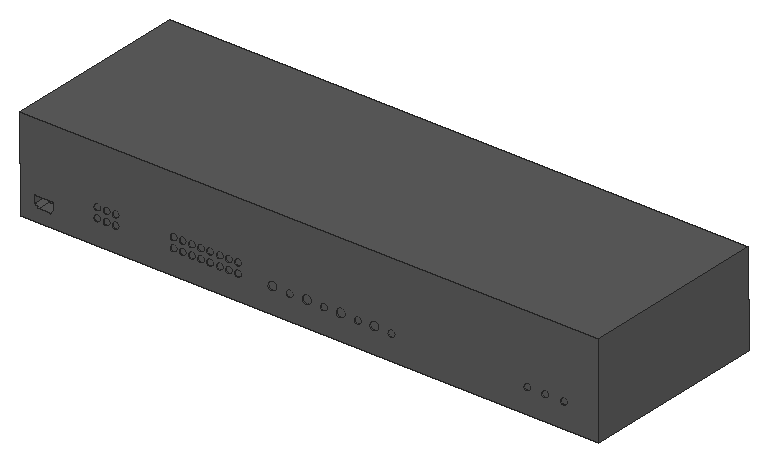
Revit family "Electronics_Touch-Panel-Controllers_Biamp_Impera_Tango__", category Communication Devices, host Face, Revit 2020
Family settings
  Host = Face
  Maintain Annotation Orientation = No
  Round Connector Dimension = Use Diameter
  Part Type = Normal
  OmniClass Number = 23.85.10.17.11
  OmniClass Title = Audio-Visual System Components
  Cut with Voids When Loaded = No
  Shared = No
  Room Calculation Point = No
Parameters (values of type "Tango")
  Width = 8.70"  # constant formula
  Weight = 1.10 lbf  # constant formula
  Voltage = 0 V
  URL = "https://www.biamp.com/"
  Type = "Open drain"  # constant formula
  Temperature Range = "32 - 86° F (0 – 30° C)"  # constant formula
  Stop Bits = "1, 2"  # constant formula
  Relays Quantity = "4"
  Product data url = "https://www.bimobject.com/biamp/product/impera-tango_touch-panel-controller"
  Product Page URL = "https://www.biamp.com/products/product-families/impera/touch-panel-controllers#impera-tango"
  Product Documentation Link = "https://downloads.biamp.com/assets/docs/default-source/data-sheets/biamp_data_sheet_impera_tango_oct21.pdf"
  Relays power capacity = "30VDC / 0.5A"  # constant formula
  Power Factor = 1
  Parity = "Even, Odd, None"  # constant formula
  Number of Ports RS-232 / IR = "3 (bi-directional); 2 (uni-directional)"
  Number of Ports GPIO = "8"
  Number of Poles = 1
  Network Connection = "RJ-45 with Ethernet (CAT5e or better)"  # constant formula
  Model = "Impera Tango"  # constant formula
  Max Voltage = "24VDC"  # constant formula
  Max Power Consumption = 0 W
  Max Current = "0.5A"  # constant formula
  Manufacturer = "Biamp"  # constant formula
  Isolation = "No"  # constant formula
  Input Trigger Low = "< 1VDC"  # constant formula
  Input Trigger High = "> 4VDC"  # constant formula
  Impera Tango = yes
  IR Frequency Range = "400 Hz to 500 kHz"  # constant formula
  Humidity = "10-90% relative humidity (non-condensing)"  # constant formula
  Housing Material = Biamp - Metal - Black
  Height = 1.40"  # constant formula
  Description = "Impera™ Tango Controller"  # constant formula
  Depth = 2.80"  # constant formula
  Default Elevation = 48.00"
  Data Bits = "7, 8"  # constant formula
  Cooling = "Convection"  # constant formula
  Connector Relays = "2-pin, 0.3-inch Euroblock"  # constant formula
  Connector RS-232 / IR = "3-pin, 0.3-inch Euroblock"  # constant formula
  Connector GPIO = "5-pin, 0.3-inch Euroblock"  # constant formula
  Connector Description = "PoE (IEEE 802.3at Class 3, 15W)"  # constant formula
  Compliance = "FCC Part 15B (USA), UL listed (USA and Canada), CE Marked (Europe), RoHS Directive (Europe)"  # constant formula
  Baud Rate = "1200 – 115200 bit/sec"  # constant formula
  Assembly Code = ""
  Apparent Load = Max Power Consumption / Power Factor  # 0 VA
  Altitude = "0-6,600 ft (0-2000m) MSL"  # constant formula
Reference planes (in)
  plane 1 "Center (Front/Back)": y = 0
  plane 2: z = 0
  plane 3 "Center (Left/Right)": x = 0
  plane 4: x = -4.34961
  plane 5: x = 4.34961
  plane 6 "Back": y = 1.40039
  plane 7 "Front": y = -1.40039
  plane 8: z = 1.4
  plane 9: y = 1.20354
  plane 10: y = -1.20354
Forms (in)
  Extrusion 1, solid, material "Biamp - Metal - Black" <- "Housing Material", visible <- "Impera Tango"
    sketch origin (0, 0, 0) x (1, 0, 0) y (0, 1, 0)
      loop
        line (-4.34961, 1.20354) -> (-4.34961, -1.20354) -> (4.34961, -1.20354) -> (4.34961, 1.20354) -> (-4.34961, 1.20354)
    from 0 to 1.4
  Extrusion 2, solid, material "Biamp - Metal - Black" <- "Housing Material", visible <- "Impera Tango"
    sketch origin (0, -1.40039, 0) x (-1, 0, 0) y (0, 0, 1)
      loop
        line (4.34961, 1.4) -> (-4.34961, 1.4) -> (-4.34961, 0) -> (4.34961, 0) -> (4.34961, 1.4)
      loop
        line (4.13043, 0.35688) -> (3.84149, 0.35688) -> (3.84149, 0.24209) -> (3.89553, 0.18805) -> (4.07639, 0.18805) -> (4.13043, 0.24209) -> (4.13043, 0.35688)
    from 0 to 0.19685
  Extrusion 3, solid, material "Biamp - Metal - Black" <- "Housing Material", visible <- "Impera Tango"
    sketch origin (0, 1.40039, 0) x (-1, 0, 0) y (0, 0, 1)
      loop
        line (-4.34961, 1.4) -> (-4.34961, 0) -> (4.34961, 0) -> (4.34961, 1.4) -> (-4.34961, 1.4)
      loop
        line (-4.14749, 0.31725) -> (-4.14749, 0.23803) -> (-3.62479, 0.23803) -> (-3.62479, 0.31725) -> (-4.14749, 0.31725)
      loop
        line (-3.32957, 0.77432) -> (-2.8732, 0.77432) -> (-2.8732, 1.01753) -> (-3.32957, 1.01753) -> (-3.32957, 0.77432)
      loop
        line (-3.32957, 0.26397) -> (-2.8732, 0.26397) -> (-2.8732, 0.50721) -> (-3.32957, 0.50721) -> (-3.32957, 0.26397)
      loop
        line (-2.77906, 0.77432) -> (-2.32768, 0.77432) -> (-2.32768, 1.01753) -> (-2.77906, 1.01753) -> (-2.77906, 0.77432)
      loop
        line (-2.77906, 0.26397) -> (-2.32768, 0.26397) -> (-2.32768, 0.50721) -> (-2.77906, 0.50721) -> (-2.77906, 0.26397)
      loop
        line (-1.93552, 0.77432) -> (-1.15392, 0.77432) -> (-1.15392, 1.01753) -> (-1.93552, 1.01753) -> (-1.93552, 0.77432)
      loop
        line (-1.93552, 0.26397) -> (-1.15392, 0.26397) -> (-1.15392, 0.50721) -> (-1.93552, 0.50721) -> (-1.93552, 0.26397)
      loop
        line (-0.75764, 0.26397) -> (-0.13793, 0.26397) -> (-0.13793, 0.50721) -> (-0.75764, 0.50721) -> (-0.75764, 0.26397)
      loop
        line (2.36889, 0.23674) -> (3.04108, 0.23674) -> (3.04108, 0.81269) -> (2.36889, 0.81269) -> (2.36889, 0.23674)
      loop
        line (3.14464, 0.23674) -> (3.81659, 0.23674) -> (3.81659, 0.81269) -> (3.14464, 0.81269) -> (3.14464, 0.23674)
      loop
        line (0.54901, 0.23924) -> (0.90172, 0.23924) -> (0.90172, 0.53315) -> (0.54901, 0.53315) -> (0.54901, 0.23924)
      loop
        line (0.91205, 0.23924) -> (1.265, 0.23924) -> (1.265, 0.53315) -> (0.91205, 0.53315) -> (0.91205, 0.23924)
      loop
        line (1.27687, 0.23924) -> (1.62808, 0.23924) -> (1.62808, 0.53315) -> (1.27687, 0.53315) -> (1.27687, 0.23924)
      loop
        line (1.63915, 0.23924) -> (1.99255, 0.23924) -> (1.99255, 0.53315) -> (1.63915, 0.53315) -> (1.63915, 0.23924)
    from -0.19685 to 0
  Revolve 4, solid, material "Biamp - Glass - Gray", visible <- "Impera Tango", detail levels medium+fine
    sketch origin (0, -1.40039, 0) x (-1, 0, 0) y (0, 0, 1)
      loop
        line (3.18106, 0.56592) -> (3.18106, 0.47516)
        arc (3.18106, 0.47516) -> (3.22644, 0.52054) -> (3.18106, 0.56592) r 0.04538
      loop
        line (3.18106, 0.41538) -> (3.18106, 0.32493)
        arc (3.18106, 0.32493) -> (3.22629, 0.37015) -> (3.18106, 0.41538) r 0.04522
      axis (3.18106, 0.56592) -> (3.18106, 0.32493)
    angle from 0 to 180
  Revolve 5, solid, material "Biamp - Glass - Gray", visible <- "Impera Tango", detail levels medium+fine
    sketch origin (0.13898, -1.40039, 0) x (-1, 0, 0) y (0, 0, 1)
      loop
        line (3.18106, 0.56592) -> (3.18106, 0.47516)
        arc (3.18106, 0.47516) -> (3.22644, 0.52054) -> (3.18106, 0.56592) r 0.04538
      loop
        line (3.18106, 0.41538) -> (3.18106, 0.32493)
        arc (3.18106, 0.32493) -> (3.22629, 0.37015) -> (3.18106, 0.41538) r 0.04522
      axis (3.18106, 0.56592) -> (3.18106, 0.32493)
    angle from 0 to 180
  Revolve 6, solid, material "Biamp - Glass - Gray", visible <- "Impera Tango", detail levels medium+fine
    sketch origin (0.27576, -1.40039, 0) x (-1, 0, 0) y (0, 0, 1)
      loop
        line (3.18106, 0.56592) -> (3.18106, 0.47516)
        arc (3.18106, 0.47516) -> (3.22644, 0.52054) -> (3.18106, 0.56592) r 0.04538
      loop
        line (3.18106, 0.41538) -> (3.18106, 0.32493)
        arc (3.18106, 0.32493) -> (3.22629, 0.37015) -> (3.18106, 0.41538) r 0.04522
      axis (3.18106, 0.56592) -> (3.18106, 0.32493)
    angle from 0 to 180
  Revolve 7, solid, material "Biamp - Glass - Gray", visible <- "Impera Tango", detail levels medium+fine
    sketch origin (1.14695, -1.40039, 0) x (-1, 0, 0) y (0, 0, 1)
      loop
        line (3.18106, 0.56592) -> (3.18106, 0.47516)
        arc (3.18106, 0.47516) -> (3.22644, 0.52054) -> (3.18106, 0.56592) r 0.04538
      loop
        line (3.18106, 0.41538) -> (3.18106, 0.32493)
        arc (3.18106, 0.32493) -> (3.22629, 0.37015) -> (3.18106, 0.41538) r 0.04522
      axis (3.18106, 0.56592) -> (3.18106, 0.32493)
    angle from 0 to 180
  Revolve 8, solid, material "Biamp - Glass - Gray", visible <- "Impera Tango", detail levels medium+fine
    sketch origin (1.28208, -1.40039, 0) x (-1, 0, 0) y (0, 0, 1)
      loop
        line (3.18106, 0.56592) -> (3.18106, 0.47516)
        arc (3.18106, 0.47516) -> (3.22644, 0.52054) -> (3.18106, 0.56592) r 0.04538
      loop
        line (3.18106, 0.41538) -> (3.18106, 0.32493)
        arc (3.18106, 0.32493) -> (3.22629, 0.37015) -> (3.18106, 0.41538) r 0.04522
      axis (3.18106, 0.56592) -> (3.18106, 0.32493)
    angle from 0 to 180
  Revolve 9, solid, material "Biamp - Glass - Gray", visible <- "Impera Tango", detail levels medium+fine
    sketch origin (1.42133, -1.40039, 0) x (-1, 0, 0) y (0, 0, 1)
      loop
        line (3.18106, 0.56592) -> (3.18106, 0.47516)
        arc (3.18106, 0.47516) -> (3.22644, 0.52054) -> (3.18106, 0.56592) r 0.04538
      loop
        line (3.18106, 0.41538) -> (3.18106, 0.32493)
        arc (3.18106, 0.32493) -> (3.22629, 0.37015) -> (3.18106, 0.41538) r 0.04522
      axis (3.18106, 0.56592) -> (3.18106, 0.32493)
    angle from 0 to 180
  Revolve 10, solid, material "Biamp - Glass - Gray", visible <- "Impera Tango", detail levels medium+fine
    sketch origin (1.55944, -1.40039, 0) x (-1, 0, 0) y (0, 0, 1)
      loop
        line (3.18106, 0.56592) -> (3.18106, 0.47516)
        arc (3.18106, 0.47516) -> (3.22644, 0.52054) -> (3.18106, 0.56592) r 0.04538
      loop
        line (3.18106, 0.41538) -> (3.18106, 0.32493)
        arc (3.18106, 0.32493) -> (3.22629, 0.37015) -> (3.18106, 0.41538) r 0.04522
      axis (3.18106, 0.56592) -> (3.18106, 0.32493)
    angle from 0 to 180
  Revolve 11, solid, material "Biamp - Glass - Gray", visible <- "Impera Tango", detail levels medium+fine
    sketch origin (1.69414, -1.40039, 0) x (-1, 0, 0) y (0, 0, 1)
      loop
        line (3.18106, 0.56592) -> (3.18106, 0.47516)
        arc (3.18106, 0.47516) -> (3.22644, 0.52054) -> (3.18106, 0.56592) r 0.04538
      loop
        line (3.18106, 0.41538) -> (3.18106, 0.32493)
        arc (3.18106, 0.32493) -> (3.22629, 0.37015) -> (3.18106, 0.41538) r 0.04522
      axis (3.18106, 0.56592) -> (3.18106, 0.32493)
    angle from 0 to 180
  Revolve 12, solid, material "Biamp - Glass - Gray", visible <- "Impera Tango", detail levels medium+fine
    sketch origin (1.84173, -1.40039, 0) x (-1, 0, 0) y (0, 0, 1)
      loop
        line (3.18106, 0.56592) -> (3.18106, 0.47516)
        arc (3.18106, 0.47516) -> (3.22644, 0.52054) -> (3.18106, 0.56592) r 0.04538
      loop
        line (3.18106, 0.41538) -> (3.18106, 0.32493)
        arc (3.18106, 0.32493) -> (3.22629, 0.37015) -> (3.18106, 0.41538) r 0.04522
      axis (3.18106, 0.56592) -> (3.18106, 0.32493)
    angle from 0 to 180
  Revolve 13, solid, material "Biamp - Glass - Gray", visible <- "Impera Tango", detail levels medium+fine
    sketch origin (1.97707, -1.40039, 0) x (-1, 0, 0) y (0, 0, 1)
      loop
        line (3.18106, 0.56592) -> (3.18106, 0.47516)
        arc (3.18106, 0.47516) -> (3.22644, 0.52054) -> (3.18106, 0.56592) r 0.04538
      loop
        line (3.18106, 0.41538) -> (3.18106, 0.32493)
        arc (3.18106, 0.32493) -> (3.22629, 0.37015) -> (3.18106, 0.41538) r 0.04522
      axis (3.18106, 0.56592) -> (3.18106, 0.32493)
    angle from 0 to 180
  Revolve 14, solid, material "Biamp - Glass - Gray", visible <- "Impera Tango", detail levels medium+fine
    sketch origin (2.1155, -1.40039, 0) x (-1, 0, 0) y (0, 0, 1)
      loop
        line (3.18106, 0.56592) -> (3.18106, 0.47516)
        arc (3.18106, 0.47516) -> (3.22644, 0.52054) -> (3.18106, 0.56592) r 0.04538
      loop
        line (3.18106, 0.41538) -> (3.18106, 0.32493)
        arc (3.18106, 0.32493) -> (3.22629, 0.37015) -> (3.18106, 0.41538) r 0.04522
      axis (3.18106, 0.56592) -> (3.18106, 0.32493)
    angle from 0 to 180
  Revolve 15, solid, material "Biamp - Glass - Gray", visible <- "Impera Tango", detail levels medium+fine
    sketch origin (0, -1.40039, 0) x (-1, 0, 0) y (0, 0, 1)
      loop
        line (0.54867, 0.44455) -> (0.54867, 0.32442)
        arc (0.54867, 0.32442) -> (0.60874, 0.38449) -> (0.54867, 0.44455) r 0.06007
      axis (0.54867, 0.44455) -> (0.54867, 0.32442)
    angle from 0 to 180
  Revolve 16, solid, material "Biamp - Glass - Gray", visible <- "Impera Tango", detail levels medium+fine
    sketch origin (0, -1.40039, 0) x (-1, 0, 0) y (0, 0, 1)
      loop
        arc (0.29267, 0.32501) -> (0.33929, 0.37162) -> (0.29267, 0.41824) r 0.04662
        line (0.29267, 0.41824) -> (0.29267, 0.32501)
      axis (0.29267, 0.41824) -> (0.29267, 0.32501)
    angle from 0 to 180
  Revolve 17, solid, material "Biamp - Glass - Gray", visible <- "Impera Tango", detail levels medium+fine
    sketch origin (0.51656, -1.40039, 0) x (-1, 0, 0) y (0, 0, 1)
      loop
        line (0.54867, 0.44455) -> (0.54867, 0.32442)
        arc (0.54867, 0.32442) -> (0.60874, 0.38449) -> (0.54867, 0.44455) r 0.06007
      axis (0.54867, 0.44455) -> (0.54867, 0.32442)
    angle from 0 to 180
  Revolve 18, solid, material "Biamp - Glass - Gray", visible <- "Impera Tango", detail levels medium+fine
    sketch origin (0.51656, -1.40039, 0) x (-1, 0, 0) y (0, 0, 1)
      loop
        arc (0.29267, 0.32501) -> (0.33929, 0.37162) -> (0.29267, 0.41824) r 0.04662
        line (0.29267, 0.41824) -> (0.29267, 0.32501)
      axis (0.29267, 0.41824) -> (0.29267, 0.32501)
    angle from 0 to 180
  Revolve 19, solid, material "Biamp - Glass - Gray", visible <- "Impera Tango", detail levels medium+fine
    sketch origin (1.02733, -1.40039, 0) x (-1, 0, 0) y (0, 0, 1)
      loop
        line (0.54867, 0.44455) -> (0.54867, 0.32442)
        arc (0.54867, 0.32442) -> (0.60874, 0.38449) -> (0.54867, 0.44455) r 0.06007
      axis (0.54867, 0.44455) -> (0.54867, 0.32442)
    angle from 0 to 180
  Revolve 20, solid, material "Biamp - Glass - Gray", visible <- "Impera Tango", detail levels medium+fine
    sketch origin (1.02733, -1.40039, 0) x (-1, 0, 0) y (0, 0, 1)
      loop
        arc (0.29267, 0.32501) -> (0.33929, 0.37162) -> (0.29267, 0.41824) r 0.04662
        line (0.29267, 0.41824) -> (0.29267, 0.32501)
      axis (0.29267, 0.41824) -> (0.29267, 0.32501)
    angle from 0 to 180
  Revolve 21, solid, material "Biamp - Glass - Gray", visible <- "Impera Tango", detail levels medium+fine
    sketch origin (1.53239, -1.40039, 0) x (-1, 0, 0) y (0, 0, 1)
      loop
        line (0.54867, 0.44455) -> (0.54867, 0.32442)
        arc (0.54867, 0.32442) -> (0.60874, 0.38449) -> (0.54867, 0.44455) r 0.06007
      axis (0.54867, 0.44455) -> (0.54867, 0.32442)
    angle from 0 to 180
  Revolve 22, solid, material "Biamp - Glass - Gray", visible <- "Impera Tango", detail levels medium+fine
    sketch origin (1.53239, -1.40039, 0) x (-1, 0, 0) y (0, 0, 1)
      loop
        arc (0.29267, 0.32501) -> (0.33929, 0.37162) -> (0.29267, 0.41824) r 0.04662
        line (0.29267, 0.41824) -> (0.29267, 0.32501)
      axis (0.29267, 0.41824) -> (0.29267, 0.32501)
    angle from 0 to 180
  Revolve 23, solid, material "Biamp - Glass - Gray", visible <- "Impera Tango", detail levels medium+fine
    sketch origin (0, -1.40039, 0) x (-1, 0, 0) y (0, 0, 1)
      loop
        line (-3.28096, 0.41429) -> (-3.28096, 0.32384)
        arc (-3.28096, 0.32384) -> (-3.23574, 0.36907) -> (-3.28096, 0.41429) r 0.04523
      axis (-3.28096, 0.41429) -> (-3.28096, 0.32384)
    angle from 0 to 180
  Revolve 24, solid, material "Biamp - Glass - Gray", visible <- "Impera Tango", detail levels medium+fine
    sketch origin (0.26785, -1.40039, 0) x (-1, 0, 0) y (0, 0, 1)
      loop
        line (-3.28096, 0.41429) -> (-3.28096, 0.32384)
        arc (-3.28096, 0.32384) -> (-3.23574, 0.36907) -> (-3.28096, 0.41429) r 0.04523
      axis (-3.28096, 0.41429) -> (-3.28096, 0.32384)
    angle from 0 to 180
  Revolve 25, solid, material "Biamp - Glass - Gray", visible <- "Impera Tango", detail levels medium+fine
    sketch origin (0.55232, -1.40039, 0) x (-1, 0, 0) y (0, 0, 1)
      loop
        line (-3.28096, 0.41429) -> (-3.28096, 0.32384)
        arc (-3.28096, 0.32384) -> (-3.23574, 0.36907) -> (-3.28096, 0.41429) r 0.04523
      axis (-3.28096, 0.41429) -> (-3.28096, 0.32384)
    angle from 0 to 180
Cuts and joins
  joined: Extrusion 1, Extrusion 2, Extrusion 3
Lines and regions (in)
  Masking region 1
    outline origin (0, 0, 0) x (1, 0, 0) y (0, 1, 0)
      loop
        line (-4.34961, 1.40039) -> (-4.34961, -1.40039) -> (-3.22644, -1.40039)
        arc (-3.22644, -1.40039) -> (-3.18106, -1.44576) -> (-3.13569, -1.40039) r 0.04537
        line (-3.13569, -1.40039) -> (-3.08745, -1.40039)
        arc (-3.08745, -1.40039) -> (-3.04208, -1.44576) -> (-2.99671, -1.40039) r 0.04537
        line (-2.99671, -1.40039) -> (-2.95068, -1.40039)
        arc (-2.95068, -1.40039) -> (-2.9053, -1.44576) -> (-2.85993, -1.40039) r 0.04537
        line (-2.85993, -1.40039) -> (-2.07948, -1.40039)
        arc (-2.07948, -1.40039) -> (-2.03411, -1.44576) -> (-1.98874, -1.40039) r 0.04537
        line (-1.98874, -1.40039) -> (-1.94435, -1.40039)
        arc (-1.94435, -1.40039) -> (-1.89898, -1.44576) -> (-1.85361, -1.40039) r 0.04537
        line (-1.85361, -1.40039) -> (-1.8051, -1.40039)
        arc (-1.8051, -1.40039) -> (-1.75973, -1.44576) -> (-1.71436, -1.40039) r 0.04537
        line (-1.71436, -1.40039) -> (-1.667, -1.40039)
        arc (-1.667, -1.40039) -> (-1.62163, -1.44576) -> (-1.57625, -1.40039) r 0.04537
        line (-1.57625, -1.40039) -> (-1.5323, -1.40039)
        arc (-1.5323, -1.40039) -> (-1.48693, -1.44576) -> (-1.44155, -1.40039) r 0.04537
        line (-1.44155, -1.40039) -> (-1.3847, -1.40039)
        arc (-1.3847, -1.40039) -> (-1.33933, -1.44576) -> (-1.29396, -1.40039) r 0.04537
        line (-1.29396, -1.40039) -> (-1.24936, -1.40039)
        arc (-1.24936, -1.40039) -> (-1.20399, -1.44576) -> (-1.15862, -1.40039) r 0.04537
        line (-1.15862, -1.40039) -> (-1.11094, -1.40039)
        arc (-1.11094, -1.40039) -> (-1.06557, -1.44576) -> (-1.02019, -1.40039) r 0.04537
        line (-1.02019, -1.40039) -> (-0.60953, -1.40039)
        arc (-0.60953, -1.40039) -> (-0.54867, -1.46125) -> (-0.48782, -1.40039) r 0.06086
        line (-0.48782, -1.40039) -> (-0.33804, -1.40039)
        arc (-0.33804, -1.40039) -> (-0.29267, -1.44576) -> (-0.2473, -1.40039) r 0.04537
        line (-0.2473, -1.40039) -> (-0.09297, -1.40039)
        arc (-0.09297, -1.40039) -> (-0.03211, -1.46125) -> (0.02874, -1.40039) r 0.06086
        line (0.02874, -1.40039) -> (0.17851, -1.40039)
        arc (0.17851, -1.40039) -> (0.22389, -1.44576) -> (0.26926, -1.40039) r 0.04537
        line (0.26926, -1.40039) -> (0.41781, -1.40039)
        arc (0.41781, -1.40039) -> (0.47866, -1.46125) -> (0.53952, -1.40039) r 0.06086
        line (0.53952, -1.40039) -> (0.68929, -1.40039)
        arc (0.68929, -1.40039) -> (0.73466, -1.44576) -> (0.78003, -1.40039) r 0.04537
        line (0.78003, -1.40039) -> (0.92286, -1.40039)
        arc (0.92286, -1.40039) -> (0.98372, -1.46125) -> (1.04458, -1.40039) r 0.06086
        line (1.04458, -1.40039) -> (1.19435, -1.40039)
        arc (1.19435, -1.40039) -> (1.23972, -1.44576) -> (1.28509, -1.40039) r 0.04537
        line (1.28509, -1.40039) -> (3.23559, -1.40039)
        arc (3.23559, -1.40039) -> (3.28096, -1.44576) -> (3.32633, -1.40039) r 0.04537
        line (3.32633, -1.40039) -> (3.50344, -1.40039)
        arc (3.50344, -1.40039) -> (3.54882, -1.44576) -> (3.59419, -1.40039) r 0.04537
        line (3.59419, -1.40039) -> (3.78791, -1.40039)
        arc (3.78791, -1.40039) -> (3.83328, -1.44576) -> (3.87865, -1.40039) r 0.04537
        line (3.87865, -1.40039) -> (4.34961, -1.40039) -> (4.34961, 1.40039) -> (-4.34961, 1.40039)
  symbolic lines
    curve 1: line (-4.34961, -1.40039, 0) -> (4.34961, -1.40039, 0)
Dimensions and locks (in)
  equal spacing: plane 4, plane 3 "Center (Left/Right)", plane 5
  equal spacing: plane 6 "Back", plane 1 "Center (Front/Back)", plane 7 "Front"
  "Width": plane 4 to plane 5
  "Depth": plane 6 "Back" to plane 7 "Front"
  "Height": plane 8 to host face
  aligned and locked: plane 2 to host face
  aligned and locked: level to host face
  aligned and locked: Extrusion 1 sketch curve to plane 9
  aligned and locked: plane 4 to Extrusion 1 sketch curve
  aligned and locked: plane 10 to Extrusion 1 sketch curve
  aligned and locked: Extrusion 1 sketch curve to plane 5
  aligned and locked: plane 8 to Extrusion 1
  aligned and locked: Extrusion 2 to plane 7 "Front"
  aligned and locked: plane 10 to Extrusion 2
  aligned and locked: Extrusion 3 sketch curve to Extrusion 3 sketch curve  (x18)
  aligned and locked: plane 5 to Extrusion 3
  aligned and locked: Extrusion 3 to plane 4
  aligned and locked: Extrusion 2 to plane 4
  aligned and locked: plane 5 to Extrusion 2
  aligned and locked: Revolve 4 sketch curve to Revolve 4 sketch curve  (x2)
  aligned and locked: Revolve 5 sketch curve to Revolve 5 sketch curve  (x2)
  aligned and locked: Revolve 6 sketch curve to Revolve 6 sketch curve  (x2)
  aligned and locked: Revolve 7 sketch curve to Revolve 7 sketch curve  (x2)
  aligned and locked: Revolve 8 sketch curve to Revolve 8 sketch curve  (x2)
  aligned and locked: Revolve 9 sketch curve to Revolve 9 sketch curve  (x2)
  aligned and locked: Revolve 10 sketch curve to Revolve 10 sketch curve  (x2)
  aligned and locked: Revolve 11 sketch curve to Revolve 11 sketch curve  (x2)
  aligned and locked: Revolve 12 sketch curve to Revolve 12 sketch curve  (x2)
  aligned and locked: Revolve 13 sketch curve to Revolve 13 sketch curve  (x2)
  aligned and locked: Revolve 14 sketch curve to Revolve 14 sketch curve  (x2)
  aligned and locked: Revolve 15 sketch curve to Revolve 15 sketch curve
  aligned and locked: Revolve 16 sketch curve to Revolve 16 sketch curve
  aligned and locked: Revolve 17 sketch curve to Revolve 17 sketch curve
  aligned and locked: Revolve 18 sketch curve to Revolve 18 sketch curve
  aligned and locked: Revolve 19 sketch curve to Revolve 19 sketch curve
  aligned and locked: Revolve 20 sketch curve to Revolve 20 sketch curve
  aligned and locked: Revolve 21 sketch curve to Revolve 21 sketch curve
  aligned and locked: Revolve 22 sketch curve to Revolve 22 sketch curve
  aligned and locked: Revolve 23 sketch curve to Revolve 23 sketch curve
  aligned and locked: Revolve 24 sketch curve to Revolve 24 sketch curve
  aligned and locked: Revolve 25 sketch curve to Revolve 25 sketch curve
  aligned and locked: Revolve 5 to Extrusion 2
  aligned and locked: Revolve 4 to Extrusion 2
  aligned and locked: Revolve 6 to Extrusion 2
  aligned and locked: Revolve 7 to Extrusion 2
  aligned and locked: Revolve 9 to Extrusion 2
  aligned and locked: Revolve 10 to Extrusion 2
  aligned and locked: Revolve 11 to Extrusion 2
  aligned and locked: Extrusion 2 to Revolve 13  (x2)
  aligned and locked: Revolve 12 to Extrusion 2
  aligned and locked: Revolve 14 to Extrusion 2
  aligned and locked: Revolve 15 to Extrusion 2
  aligned and locked: Revolve 16 to Extrusion 2
  aligned and locked: Revolve 17 to Extrusion 2
  aligned and locked: Revolve 18 to Extrusion 2
  aligned and locked: Revolve 19 to Extrusion 2
  aligned and locked: Extrusion 2 to Revolve 20
  aligned and locked: Extrusion 2 to Revolve 21  (x2)
  aligned and locked: Revolve 22 to Extrusion 2
  aligned and locked: Extrusion 2 to Revolve 23
  aligned and locked: Extrusion 2 to Revolve 24
  aligned and locked: Revolve 25 to Extrusion 2
  aligned and locked: plane 5 to Extrusion 1
  aligned and locked: Extrusion 1 to plane 4
  aligned and locked: Extrusion 3 to plane 9
  aligned and locked: Extrusion 1 to plane 10
  aligned and locked: Masking region 1 sketch curve to plane 4
  aligned and locked: Masking region 1 sketch curve to plane 6 "Back"
  aligned and locked: Masking region 1 sketch curve to plane 7 "Front"
  aligned and locked: Masking region 1 sketch curve to plane 5
Automatic sketch dimensions
  host sketch curve to host sketch curve = 96.00"  (x2)
  Extrusion 2 sketch curve to plane 5 = 0.00"
  Extrusion 2 sketch curve to plane 4 = 0.00"
  Extrusion 2 sketch curve to level = 0.00"
  Extrusion 2 sketch curve to plane 8 = 0.00"
  level to Extrusion 2 sketch curve = 0.24209"
  plane 4 to Extrusion 2 sketch curve = 0.50812"
  Extrusion 2 sketch curve to Extrusion 2 sketch curve = 0.05404"  (x4)
  Extrusion 2 sketch curve to Extrusion 2 sketch curve = 0.18086"
  Extrusion 2 sketch curve to Extrusion 2 sketch curve = 0.11479"
  Extrusion 3 sketch curve to level = 0.00"
  Extrusion 3 sketch curve to plane 5 = 0.00"
  Extrusion 3 sketch curve to plane 4 = 0.00"
  Extrusion 3 sketch curve to plane 8 = 0.00"
  Extrusion 3 sketch curve to plane 5 = 0.20212"
  Extrusion 3 sketch curve to Extrusion 3 sketch curve = 0.5227"
  Extrusion 3 sketch curve to Extrusion 3 sketch curve = 0.29523"
  Extrusion 3 sketch curve to plane 3 "Center (Left/Right)" = 0.54901"
  Extrusion 3 sketch curve to Extrusion 3 sketch curve = 0.35271"
  Extrusion 3 sketch curve to Extrusion 3 sketch curve = 0.01032"
  Extrusion 3 sketch curve to Extrusion 3 sketch curve = 0.35295"
  Extrusion 3 sketch curve to Extrusion 3 sketch curve = 0.01187"
  Extrusion 3 sketch curve to Extrusion 3 sketch curve = 0.35121"
  Extrusion 3 sketch curve to Extrusion 3 sketch curve = 0.01107"
  Extrusion 3 sketch curve to Extrusion 3 sketch curve = 0.35339"
  Extrusion 3 sketch curve to Extrusion 3 sketch curve = 0.37634"
  Extrusion 3 sketch curve to Extrusion 3 sketch curve = 0.67219"
  Extrusion 3 sketch curve to Extrusion 3 sketch curve = 0.10357"
  level to Extrusion 3 sketch curve = 0.23674"
  plane 4 to Extrusion 3 sketch curve = 0.53302"
  level to Extrusion 3 sketch curve = 0.23803"
  level to Extrusion 3 sketch curve = 0.23924"
  Extrusion 3 sketch curve to Extrusion 3 sketch curve = 0.07922"
  Extrusion 3 sketch curve to Extrusion 3 sketch curve = 0.29392"
  Extrusion 3 sketch curve to Extrusion 3 sketch curve = 0.57595"
  plane 4 to Revolve 4 sketch curve = 1.16855"
  level to Revolve 4 sketch curve = 0.32493"
  Revolve 4 sketch curve to Revolve 4 sketch curve = 0.04522"
  Revolve 4 sketch curve to Revolve 4 sketch curve = 0.05978"
  Revolve 4 sketch curve to Revolve 4 sketch curve = 0.04538"
  Revolve 4 sketch curve to Revolve 4 sketch curve = 0.05924"
  Revolve 4 sketch curve to Revolve 4 sketch curve = 0.02949"
  plane 4 to Revolve 5 sketch curve = 1.30753"
  level to Revolve 5 sketch curve = 0.32493"
  Revolve 5 sketch curve to Revolve 5 sketch curve = 0.04522"
  Revolve 5 sketch curve to Revolve 5 sketch curve = 0.05978"
  Revolve 5 sketch curve to Revolve 5 sketch curve = 0.04538"
  Revolve 5 sketch curve to Revolve 5 sketch curve = 0.05924"
  Revolve 5 sketch curve to Revolve 5 sketch curve = 0.02949"
  plane 4 to Revolve 6 sketch curve = 1.44431"
  level to Revolve 6 sketch curve = 0.32493"
  Revolve 6 sketch curve to Revolve 6 sketch curve = 0.04522"
  Revolve 6 sketch curve to Revolve 6 sketch curve = 0.05978"
  Revolve 6 sketch curve to Revolve 6 sketch curve = 0.04538"
  Revolve 6 sketch curve to Revolve 6 sketch curve = 0.05924"
  Revolve 6 sketch curve to Revolve 6 sketch curve = 0.02949"
  level to Revolve 7 sketch curve = 0.52054"
  Revolve 7 sketch curve to plane 3 "Center (Left/Right)" = 2.03411"
  Revolve 7 sketch curve to Revolve 7 sketch curve = 0.04538"
  Revolve 7 sketch curve to Revolve 7 sketch curve = 0.05978"
  Revolve 7 sketch curve to Revolve 7 sketch curve = 0.04522"
  Revolve 7 sketch curve to Revolve 7 sketch curve = 0.05924"
  Revolve 7 sketch curve to Revolve 7 sketch curve = 0.02949"
  level to Revolve 8 sketch curve = 0.52054"
  Revolve 8 sketch curve to plane 3 "Center (Left/Right)" = 1.89898"
  Revolve 8 sketch curve to Revolve 8 sketch curve = 0.04538"
  Revolve 8 sketch curve to Revolve 8 sketch curve = 0.05978"
  Revolve 8 sketch curve to Revolve 8 sketch curve = 0.04522"
  Revolve 8 sketch curve to Revolve 8 sketch curve = 0.05924"
  Revolve 8 sketch curve to Revolve 8 sketch curve = 0.02949"
  level to Revolve 9 sketch curve = 0.52054"
  Revolve 9 sketch curve to plane 3 "Center (Left/Right)" = 1.75973"
  Revolve 9 sketch curve to Revolve 9 sketch curve = 0.04538"
  Revolve 9 sketch curve to Revolve 9 sketch curve = 0.05978"
  Revolve 9 sketch curve to Revolve 9 sketch curve = 0.04522"
  Revolve 9 sketch curve to Revolve 9 sketch curve = 0.05924"
  Revolve 9 sketch curve to Revolve 9 sketch curve = 0.02949"
  level to Revolve 10 sketch curve = 0.52054"
  Revolve 10 sketch curve to plane 3 "Center (Left/Right)" = 1.62163"
  Revolve 10 sketch curve to Revolve 10 sketch curve = 0.04538"
  Revolve 10 sketch curve to Revolve 10 sketch curve = 0.05978"
  Revolve 10 sketch curve to Revolve 10 sketch curve = 0.04522"
  Revolve 10 sketch curve to Revolve 10 sketch curve = 0.05924"
  Revolve 10 sketch curve to Revolve 10 sketch curve = 0.02949"
  Revolve 11 sketch curve to plane 3 "Center (Left/Right)" = 1.48693"
  level to Revolve 11 sketch curve = 0.32493"
  Revolve 11 sketch curve to Revolve 11 sketch curve = 0.04522"
  Revolve 11 sketch curve to Revolve 11 sketch curve = 0.05978"
  Revolve 11 sketch curve to Revolve 11 sketch curve = 0.04538"
  Revolve 11 sketch curve to Revolve 11 sketch curve = 0.05924"
  Revolve 11 sketch curve to Revolve 11 sketch curve = 0.02949"
  Revolve 12 sketch curve to plane 3 "Center (Left/Right)" = 1.33933"
  level to Revolve 12 sketch curve = 0.32493"
  Revolve 12 sketch curve to Revolve 12 sketch curve = 0.04522"
  Revolve 12 sketch curve to Revolve 12 sketch curve = 0.05978"
  Revolve 12 sketch curve to Revolve 12 sketch curve = 0.04538"
  Revolve 12 sketch curve to Revolve 12 sketch curve = 0.05924"
  Revolve 12 sketch curve to Revolve 12 sketch curve = 0.02949"
  Revolve 13 sketch curve to plane 3 "Center (Left/Right)" = 1.20399"
  level to Revolve 13 sketch curve = 0.32493"
  Revolve 13 sketch curve to Revolve 13 sketch curve = 0.04522"
  Revolve 13 sketch curve to Revolve 13 sketch curve = 0.05978"
  Revolve 13 sketch curve to Revolve 13 sketch curve = 0.04538"
  Revolve 13 sketch curve to Revolve 13 sketch curve = 0.05924"
  Revolve 13 sketch curve to Revolve 13 sketch curve = 0.02949"
  Revolve 14 sketch curve to plane 3 "Center (Left/Right)" = 1.06557"
  level to Revolve 14 sketch curve = 0.32493"
  Revolve 14 sketch curve to Revolve 14 sketch curve = 0.04522"
  Revolve 14 sketch curve to Revolve 14 sketch curve = 0.05978"
  Revolve 14 sketch curve to Revolve 14 sketch curve = 0.04538"
  Revolve 14 sketch curve to Revolve 14 sketch curve = 0.05924"
  Revolve 14 sketch curve to Revolve 14 sketch curve = 0.02949"
  Revolve 15 sketch curve to plane 3 "Center (Left/Right)" = 0.54867"
  level to Revolve 15 sketch curve = 0.32442"
  Revolve 15 sketch curve to Revolve 15 sketch curve = 0.06007"
  Revolve 15 sketch curve to Revolve 15 sketch curve = 0.0406"
  Revolve 15 sketch curve to Revolve 15 sketch curve = 0.02195"
  Revolve 16 sketch curve to plane 3 "Center (Left/Right)" = 0.29267"
  level to Revolve 16 sketch curve = 0.32501"
  Revolve 16 sketch curve to Revolve 16 sketch curve = 0.04662"
  Revolve 16 sketch curve to Revolve 16 sketch curve = 0.04595"
  Revolve 16 sketch curve to Revolve 16 sketch curve = 0.02345"
  Revolve 17 sketch curve to plane 3 "Center (Left/Right)" = 0.03211"
  level to Revolve 17 sketch curve = 0.32442"
  Revolve 17 sketch curve to Revolve 17 sketch curve = 0.06007"
  Revolve 17 sketch curve to Revolve 17 sketch curve = 0.0406"
  Revolve 17 sketch curve to Revolve 17 sketch curve = 0.02195"
  plane 3 "Center (Left/Right)" to Revolve 18 sketch curve = 0.22389"
  level to Revolve 18 sketch curve = 0.32501"
  Revolve 18 sketch curve to Revolve 18 sketch curve = 0.04662"
  Revolve 18 sketch curve to Revolve 18 sketch curve = 0.04595"
  Revolve 18 sketch curve to Revolve 18 sketch curve = 0.02345"
  plane 3 "Center (Left/Right)" to Revolve 19 sketch curve = 0.47866"
  level to Revolve 19 sketch curve = 0.32442"
  Revolve 19 sketch curve to Revolve 19 sketch curve = 0.06007"
  Revolve 19 sketch curve to Revolve 19 sketch curve = 0.0406"
  Revolve 19 sketch curve to Revolve 19 sketch curve = 0.02195"
  plane 3 "Center (Left/Right)" to Revolve 20 sketch curve = 0.73466"
  level to Revolve 20 sketch curve = 0.32501"
  Revolve 20 sketch curve to Revolve 20 sketch curve = 0.04662"
  Revolve 20 sketch curve to Revolve 20 sketch curve = 0.04595"
  Revolve 20 sketch curve to Revolve 20 sketch curve = 0.02345"
  plane 3 "Center (Left/Right)" to Revolve 21 sketch curve = 0.98372"
  level to Revolve 21 sketch curve = 0.32442"
  Revolve 21 sketch curve to Revolve 21 sketch curve = 0.06007"
  Revolve 21 sketch curve to Revolve 21 sketch curve = 0.0406"
  Revolve 21 sketch curve to Revolve 21 sketch curve = 0.02195"
  level to Revolve 22 sketch curve = 0.37162"
  plane 3 "Center (Left/Right)" to Revolve 22 sketch curve = 1.23972"
  Revolve 22 sketch curve to Revolve 22 sketch curve = 0.04662"
  Revolve 22 sketch curve to Revolve 22 sketch curve = 0.04595"
  Revolve 22 sketch curve to Revolve 22 sketch curve = 0.02345"
  Revolve 23 sketch curve to plane 5 = 1.06865"
  level to Revolve 23 sketch curve = 0.32384"
  Revolve 23 sketch curve to Revolve 23 sketch curve = 0.04523"
  Revolve 23 sketch curve to Revolve 23 sketch curve = 0.03666"
  Revolve 23 sketch curve to Revolve 23 sketch curve = 0.03685"
  Revolve 24 sketch curve to plane 5 = 0.80079"
  level to Revolve 24 sketch curve = 0.32384"
  Revolve 24 sketch curve to Revolve 24 sketch curve = 0.04523"
  Revolve 24 sketch curve to Revolve 24 sketch curve = 0.03666"
  Revolve 24 sketch curve to Revolve 24 sketch curve = 0.03685"
  Revolve 25 sketch curve to plane 5 = 0.51633"
  level to Revolve 25 sketch curve = 0.32384"
  Revolve 25 sketch curve to Revolve 25 sketch curve = 0.04523"
  Revolve 25 sketch curve to Revolve 25 sketch curve = 0.03666"
  Revolve 25 sketch curve to Revolve 25 sketch curve = 0.03685"
  curve 1 to plane 4 = 0.00"
  curve 1 to plane 5 = 0.00"
  curve 1 to plane 7 "Front" = 0.00"
  plane 4 to Masking region 1 sketch curve = 1.16855"
  Masking region 1 sketch curve to Masking region 1 sketch curve = 0.13898"
  Masking region 1 sketch curve to Masking region 1 sketch curve = 0.13678"
  Masking region 1 sketch curve to Masking region 1 sketch curve = 0.87119"
  Masking region 1 sketch curve to Masking region 1 sketch curve = 0.13925"
  Masking region 1 sketch curve to Masking region 1 sketch curve = 0.1381"
  Masking region 1 sketch curve to Masking region 1 sketch curve = 0.1476"
  Masking region 1 sketch curve to Masking region 1 sketch curve = 0.13843"
  Masking region 1 sketch curve to Masking region 1 sketch curve = 0.51689"
  Masking region 1 sketch curve to Masking region 1 sketch curve = 0.256"  (x3)
  Masking region 1 sketch curve to plane 3 "Center (Left/Right)" = 0.03211"
  plane 3 "Center (Left/Right)" to Masking region 1 sketch curve = 0.22389"
  Masking region 1 sketch curve to Masking region 1 sketch curve = 0.25478"
  Masking region 1 sketch curve to Masking region 1 sketch curve = 0.24906"
  Masking region 1 sketch curve to plane 5 = 1.06865"
  Masking region 1 sketch curve to Masking region 1 sketch curve = 0.26785"
  Masking region 1 sketch curve to Masking region 1 sketch curve = 0.28446"
  Masking region 1 sketch curve to Masking region 1 sketch curve = 0.04438"
  Masking region 1 sketch curve to Masking region 1 sketch curve = 0.04395"
  Masking region 1 sketch curve to Masking region 1 sketch curve = 0.04459"
  Masking region 1 sketch curve to Masking region 1 sketch curve = 0.04537"  (x18)
  Masking region 1 sketch curve to Masking region 1 sketch curve = 0.06086"  (x4)
  Extrusion 3 sketch curve to Extrusion 3 sketch curve = 0.45636"
  Extrusion 3 sketch curve to Extrusion 3 sketch curve = 0.45138"
  Extrusion 3 sketch curve to Extrusion 3 sketch curve = 0.6197"
  plane 3 "Center (Left/Right)" to Extrusion 3 sketch curve = 0.13793"
  level to Extrusion 3 sketch curve = 0.26397"  (x3)
  Extrusion 3 sketch curve to Extrusion 3 sketch curve = 0.24322"  (x2)
  Extrusion 3 sketch curve to Extrusion 3 sketch curve = 0.39629"
  Extrusion 3 sketch curve to Extrusion 3 sketch curve = 0.24323"  (x3)
  Extrusion 3 sketch curve to Extrusion 3 sketch curve = 0.26711"  (x2)
  Extrusion 3 sketch curve to Extrusion 3 sketch curve = 0.39215"
  Extrusion 3 sketch curve to Extrusion 3 sketch curve = 0.09415"
Connectors (in)
  electrical at (-2.70498, 1.20354, 0.52471), driven by "Number of Poles", driven by "Voltage", driven by "Apparent Load", driven by "Power Factor", driven by "Connector Description"
    settings: on cut or joined group of Extrusion 1, Extrusion 2, Extrusion 3, index 1, voltage 0 V, apparent load 0 VA, apparent load phase1 0 VA, apparent load phase2 0 VA, apparent load phase3 0 VA, power factor 1, load classification "Other", number of poles 1, system type 31, power factor state 1, is connector primary yes, connector utility no, sub classification motor no, connector description "PoE (IEEE 802.3at Class 3, 15W)"
  electrical at (-3.48062, 1.20354, 0.52471)
    settings: on cut or joined group of Extrusion 1, Extrusion 2, Extrusion 3, index 2, voltage 0 V, apparent load 0 VA, apparent load phase1 0 VA, apparent load phase2 0 VA, apparent load phase3 0 VA, power factor 1, load classification "Other", number of poles 1, system type 5, power factor state 1, is connector primary no, connector utility no, sub classification motor no, connector description "PoE Out"
  electrical at (-1.81585, 1.20354, 0.38619)
    settings: on cut or joined group of Extrusion 1, Extrusion 2, Extrusion 3, index 3, voltage 0 V, apparent load 0 VA, apparent load phase1 0 VA, apparent load phase2 0 VA, apparent load phase3 0 VA, power factor 1, load classification "Other", number of poles 1, system type 5, power factor state 1, is connector primary no, connector utility no, sub classification motor no, connector description "Potential-free relays; 2-pin, Euroblock"
  electrical at (-1.45248, 1.20354, 0.38619)
    settings: on cut or joined group of Extrusion 1, Extrusion 2, Extrusion 3, index 4, voltage 0 V, apparent load 0 VA, apparent load phase1 0 VA, apparent load phase2 0 VA, apparent load phase3 0 VA, power factor 1, load classification "Other", number of poles 1, system type 5, power factor state 1, is connector primary no, connector utility no, sub classification motor no, connector description "Potential-free relays; 2-pin, Euroblock"
  electrical at (-1.08852, 1.20354, 0.38619)
    settings: on cut or joined group of Extrusion 1, Extrusion 2, Extrusion 3, index 5, voltage 0 V, apparent load 0 VA, apparent load phase1 0 VA, apparent load phase2 0 VA, apparent load phase3 0 VA, power factor 1, load classification "Other", number of poles 1, system type 5, power factor state 1, is connector primary no, connector utility no, sub classification motor no, connector description "Potential-free relays; 2-pin, Euroblock"
  electrical at (-0.72537, 1.20354, 0.38619)
    settings: on cut or joined group of Extrusion 1, Extrusion 2, Extrusion 3, index 6, voltage 0 V, apparent load 0 VA, apparent load phase1 0 VA, apparent load phase2 0 VA, apparent load phase3 0 VA, power factor 1, load classification "Other", number of poles 1, system type 5, power factor state 1, is connector primary no, connector utility no, sub classification motor no, connector description "Potential-free relays; 2-pin, Euroblock"
  electrical at (-3.98596, -1.20354, 0.26234)
    settings: on cut or joined group of Extrusion 1, Extrusion 2, Extrusion 3, index 34, voltage 0 V, apparent load 0 VA, apparent load phase1 0 VA, apparent load phase2 0 VA, apparent load phase3 0 VA, power factor 1, load classification "Other", number of poles 1, system type 5, power factor state 1, is connector primary no, connector utility no, sub classification motor no, connector description "USB configuration input"
  electrical at (3.10138, 1.20354, 0.89592)
    settings: on cut or joined group of Extrusion 1, Extrusion 2, Extrusion 3, index 35, voltage 0 V, apparent load 0 VA, apparent load phase1 0 VA, apparent load phase2 0 VA, apparent load phase3 0 VA, power factor 1, load classification "Other", number of poles 1, system type 5, power factor state 1, is connector primary no, connector utility no, sub classification motor no, connector description "RS-232/IR; 3-pin, Euroblock"
  electrical at (2.55337, 1.20354, 0.89592)
    settings: on cut or joined group of Extrusion 1, Extrusion 2, Extrusion 3, index 36, voltage 0 V, apparent load 0 VA, apparent load phase1 0 VA, apparent load phase2 0 VA, apparent load phase3 0 VA, power factor 1, load classification "Other", number of poles 1, system type 5, power factor state 1, is connector primary no, connector utility no, sub classification motor no, connector description "RS-232/IR; 3-pin, Euroblock"
  electrical at (2.55337, 1.20354, 0.38559)
    settings: on cut or joined group of Extrusion 1, Extrusion 2, Extrusion 3, index 37, voltage 0 V, apparent load 0 VA, apparent load phase1 0 VA, apparent load phase2 0 VA, apparent load phase3 0 VA, power factor 1, load classification "Other", number of poles 1, system type 5, power factor state 1, is connector primary no, connector utility no, sub classification motor no, connector description "RS-232/IR; 3-pin, Euroblock"
  electrical at (3.10138, 1.20354, 0.38559)
    settings: on cut or joined group of Extrusion 1, Extrusion 2, Extrusion 3, index 38, voltage 0 V, apparent load 0 VA, apparent load phase1 0 VA, apparent load phase2 0 VA, apparent load phase3 0 VA, power factor 1, load classification "Other", number of poles 1, system type 5, power factor state 1, is connector primary no, connector utility no, sub classification motor no, connector description "RS-232/IR; 3-pin, Euroblock"
  electrical at (1.54472, 1.20354, 0.89592)
    settings: on cut or joined group of Extrusion 1, Extrusion 2, Extrusion 3, index 39, voltage 0 V, apparent load 0 VA, apparent load phase1 0 VA, apparent load phase2 0 VA, apparent load phase3 0 VA, power factor 1, load classification "Other", number of poles 1, system type 5, power factor state 1, is connector primary no, connector utility no, sub classification motor no, connector description "I/O 24V/500mA (x4); 5-pin, Euroblock"
  electrical at (1.54472, 1.20354, 0.38559)
    settings: on cut or joined group of Extrusion 1, Extrusion 2, Extrusion 3, index 40, voltage 0 V, apparent load 0 VA, apparent load phase1 0 VA, apparent load phase2 0 VA, apparent load phase3 0 VA, power factor 1, load classification "Other", number of poles 1, system type 5, power factor state 1, is connector primary no, connector utility no, sub classification motor no, connector description "I/O 24V/500mA (x4); 5-pin, Euroblock"
  electrical at (0.44778, 1.20354, 0.38559)
    settings: on cut or joined group of Extrusion 1, Extrusion 2, Extrusion 3, index 41, voltage 0 V, apparent load 0 VA, apparent load phase1 0 VA, apparent load phase2 0 VA, apparent load phase3 0 VA, power factor 1, load classification "Other", number of poles 1, system type 5, power factor state 1, is connector primary no, connector utility no, sub classification motor no, connector description "Neets Extension Bus (NEB); 4-pin, Euroblock"
